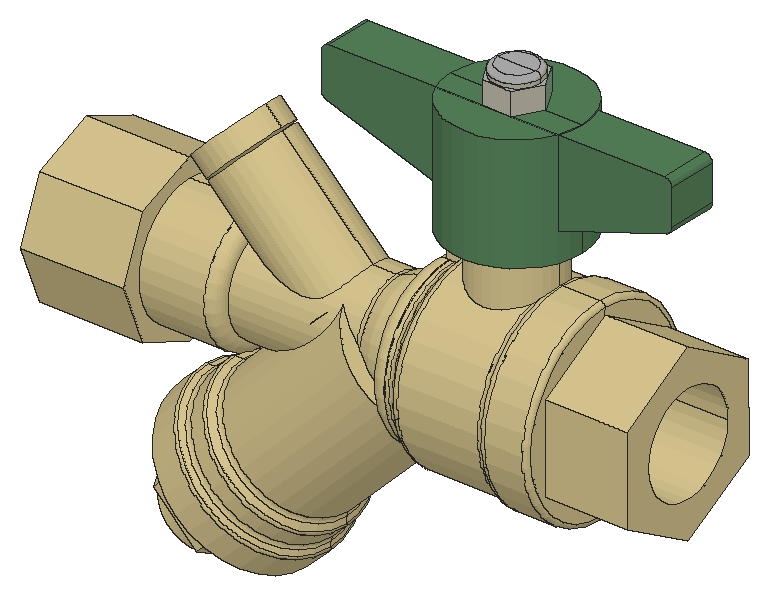
Revit family "QD36250000", category Apparecchi idraulici, Revit 2020
Family settings
  Quota connettore circolare = Usa diametro
  Tipo di parte = Normale
  Numero OmniClass = 23.45.00.00
  Titolo OmniClass = Sanitary, Laundry, and Cleaning Equipment
  Basato su piano di lavoro = No
  Sempre verticale = Sì
  Taglio con vuoti quando caricato = No
  Condiviso = No
  Punto di calcolo locali = No
Parameters
  URL = "https://web.cimberio.it/index.php/figura/1694?subcategoria_id=89"
  Temperatura di esercizio = "-20 ÷ 90°C"
  Prospetto di default = 0 mm
  Produttore = "CIMBERIO SPA"
  Pressione nominale = "PN 16"
  Modello = "Cim 622CRNL/5"
  Materiale = "Prodotto in lega di ottone conforme alla norma EN 12165-CW511L-DW nelle misure fino a 1\"1/4 e in lega di ottone conforme alla norma EN 1982-CC752S low lead nelle misure da 1\"1/2 a 2\""
  Descrizione = "Utilizzato nei più svariati settori dell'impiantistica: reti di distribuzione acqua potabile, impianti di riscaldamento, condizionamento, igienico-sanitari e in generale con ogni fluido non corrosivo"
  DN Model [instance] = QD36251020 : QD36251020
  DN [instance] = 20 mm
  Commenti sul tipo = "Realizzato in ottemperanza ai requisiti gestionali della norma EN ISO 9001.\r\nCollaudato al 100% secondo la normativa EN 12266-1"
Reference planes
  plane 1 "Centro (Fronte/Retro)": y = 0
  plane 2: z = 0
  plane 3 "Centro (Sinistra/Destra)": x = 0
Dimensions and locks
  aligned and locked: level to plane 2
Nested families
  nested 1: "QD36251020" at (0, 0, 0), type <- "DN Model", type "QD36251020"
    with DN 10 mm
  nested 2: "QD36251020" at (0, 0, 0), type <- "DN Model", type "QD36251020"
    with DN 10 mm
  nested 3: "QD36251020" at (0, 0, 0), type <- "DN Model", type "QD36251020"
    with DN 10 mm
  nested 4: "QD36251020" at (0, 0, 0), type <- "DN Model", type "QD36251020"
    with DN 10 mm
  nested 5: "QD36251020" at (0, 0, 0), type <- "DN Model", type "QD36251020"
    with DN 10 mm
  nested 6: "QD36251020" at (0, 0, 0), type <- "DN Model", type "QD36251020"
    with DN 10 mm
Connectors
  piping at (34.216, 0, 0), diameter 20, driven by "DN"
    settings: on nested 1, index 1, connector inside diameter 609.6 mm, connector length 0 mm, flow factor 0, pipe flow 0.0 L/s, pressure drop 0.0 Pa, fitting loss kfactor 0, connector angle 0.00°, fixture units 0, engagement length 0 mm, angle of deflection 0.00°, flow configuration 0, flow direction 0, fitting loss method 0, system type 7, joint type 0, gender type 0, connector reference index -1, connector utility 0, adjustable connector no, is connector primary yes, connector description ""
  piping at (-86, 0, 0), diameter 20, driven by "DN"
    settings: on nested 1, index 2, connector inside diameter 609.6 mm, connector length 0 mm, flow factor 0, pipe flow 0.0 L/s, pressure drop 0.0 Pa, fitting loss kfactor 0, connector angle 0.00°, fixture units 0, engagement length 0 mm, angle of deflection 0.00°, flow configuration 0, flow direction 0, fitting loss method 0, system type 7, joint type 0, gender type 0, connector reference index -1, connector utility 0, adjustable connector no, is connector primary no, connector description ""
Definition of nested family "QD36251020"
  Parameters (values of type "QD36251020")
    Default Elevation = 0 mm
    DN [instance] = 10 mm  # constant formula
  Reference planes
    plane 1 "Centro (Fronte/Retro)": y = 0
    plane 2: z = 0
    plane 3 "Centro (Sinistra/Destra)": x = 0
  Forms (mm)
    Revolve 1, solid
      sketch origin (0, 0, 4.284) x (1, 0, 0) y (0, 0, 1)
        loop
          line (0, 51.8) -> (0, 50.016) -> (4.75, 50.016) -> (4.75, 50.8)
          arc (4.75, 50.8) -> (4.457, 51.507) -> (3.75, 51.8) r 1
          line (3.75, 51.8) -> (0, 51.8)
        axis (0, 51.8) -> (0, 50.016)
      angle from 0 to 360
    Revolve 2, solid
      sketch origin (0, 0, 0) x (1, 0, 0) y (0, 0, 1)
        loop
          line (17.6, -10) -> (-13.503, -10) -> (-13.503, -16.25) -> (-12.621, -16.25)
          arc (-12.621, -16.25) -> (-12.047, -16.364) -> (-11.561, -16.689) r 1.5
          line (-11.561, -16.689) -> (-10.189, -18.061)
          arc (-10.189, -18.061) -> (-9.703, -18.386) -> (-9.129, -18.5) r 1.5
          line (-9.129, -18.5) -> (6.882, -18.5)
          arc (6.882, -18.5) -> (7.494, -18.631) -> (8, -19) r 1.5
          arc (8, -19) -> (8.506, -19.369) -> (9.118, -19.5) r 1.5
          line (9.118, -19.5) -> (16.6, -19.5)
          arc (16.6, -19.5) -> (17.307, -19.207) -> (17.6, -18.5) r 1
          line (17.6, -18.5) -> (17.6, -10)
        axis (17.6, 0) -> (-13.503, 0)
      angle from 0 to 360
    Revolve 3, solid
      sketch origin (0, 0, 0) x (1, 0, 0) y (0, 0, 1)
        loop
          arc (-17.691, 11.916) -> (-20.511, 11.34) -> (-23.169, 10.235) r 15
          arc (-23.169, 10.235) -> (-23.625, 10.06) -> (-24.11, 10) r 2
          line (-24.11, 10) -> (-49.808, 10)
          arc (-49.808, 10) -> (-50.454, 11.928) -> (-52.314, 12.75) r 2.517
          line (-52.314, 12.75) -> (-65.412, 12.75) -> (-65.412, 9) -> (-13.495, 9) -> (-13.495, 16.146)
          arc (-13.495, 16.146) -> (-15.614, 15.818) -> (-16.7, 13.968) r 2.5
          line (-16.7, 13.968) -> (-16.8, 12.824)
          arc (-16.8, 12.824) -> (-17.082, 12.21) -> (-17.691, 11.916) r 1
        axis (-65.412, 0) -> (-13.495, 0)
      angle from 0 to 360
    Extrusion 4, solid
      sketch origin (-11, 0, 0) x (0, 0, 1) y (0, 1, 0)
        loop
          circle (0, 0) r 10
        loop
          line (16.5, 0) -> (11.667, 11.667) -> (0, 16.5) -> (-11.667, 11.667) -> (-16.5, 0) -> (-11.667, -11.667) -> (0, -16.5) -> (11.667, -11.667) -> (16.5, 0)
      from 54.412 to 75
    Extrusion 5, solid
      sketch origin (66.912, 0, 0) x (0, 0, 1) y (0, 1, 0)
        loop
          circle (0, 0) r 10
        loop
          line (17.35, 0) -> (8.675, 15.026) -> (-8.675, 15.026) -> (-17.35, 0) -> (-8.675, -15.026) -> (8.675, -15.026) -> (17.35, 0)
      from 32.696 to 49.312
    Revolve 6, solid
      sketch origin (0, 0, 4.062) x (1, 0, 0) y (0, 0, 1)
        loop
          line (0, 33.394) -> (0, 10.626) -> (8.486, 10.626) -> (8.486, 33.394) -> (0, 33.394)
        axis (0, 33.394) -> (0, 10.626)
      angle from 0 to 360
    Extrusion 7, solid
      sketch origin (0, 0, 4.062) x (1, 0, 0) y (0, 0, 1)
        loop
          line (-8.5, 27.278) -> (-14, 27.278) -> (-14, 10.666) -> (-8.5, 10.666) -> (-8.5, 27.278)
      from -1.851 to 0
    Revolve 8, solid
      sketch origin (0, 0, 0) x (1, 0, 0) y (0, 0, 1)
        loop
          line (-52.6, 21.793) -> (-33.184, 2.378) -> (-27.27, 8.291) -> (-46.686, 27.707) -> (-52.6, 21.793)
        axis (-52.6, 21.793) -> (-33.184, 2.378)
      angle from 0 to 360
    Revolve 9, solid
      sketch origin (0, 0, 0) x (1, 0, 0) y (0, 0, 1)
        loop
          line (-54.133, -36.133) -> (-41.759, -48.508) -> (-37.463, -44.211)
          arc (-37.463, -44.211) -> (-37.246, -43.887) -> (-37.17, -43.504) r 1
          line (-37.17, -43.504) -> (-37.17, -42.418)
          arc (-37.17, -42.418) -> (-37.055, -41.844) -> (-36.73, -41.358) r 1.5
          line (-36.73, -41.358) -> (-34.281, -38.908)
          arc (-34.281, -38.908) -> (-34.064, -38.584) -> (-33.988, -38.201) r 1
          line (-33.988, -38.201) -> (-33.988, -36.762)
          arc (-33.988, -36.762) -> (-33.874, -36.188) -> (-33.548, -35.701) r 1.5
          line (-33.548, -35.701) -> (-10.068, -12.22) -> (-20.144, -2.144) -> (-54.133, -36.133)
        axis (-54.133, -36.133) -> (-20.144, -2.144)
      angle from 0 to 360
    Extrusion 10, solid
      sketch origin (-52.6, 0, 21.793) x (0.707107, 0, 0.707107) y (0, 1, 0)
        loop
          circle (0, 0) r 8.363
      from 0.5 to 5
    Extrusion 11, solid
      sketch origin (-54.133, 0, -36.133) x (0, 1, 0) y (0.707107, 0, -0.707107)
        loop
          line (0, -12.25) -> (10.609, -6.125) -> (10.609, 6.125) -> (0, 12.25) -> (-10.609, 6.125) -> (-10.609, -6.125) -> (0, -12.25)
      from 0 to 8
    Revolve 12, solid
      sketch origin (0, 0, 0) x (1, 0, 0) y (0, 0, 1)
        loop
          line (1.616, 26.8) -> (13.15, 26.8) -> (13.15, 49.8) -> (0.016, 49.8) -> (0.016, 32.8) -> (1.616, 32.8) -> (1.616, 26.8)
        axis (0.016, 49.8) -> (0.016, 26.8)
      angle from 0 to 360
    Extrusion 13, solid
      sketch origin (0, 0, 0) x (1, 0, 0) y (0, 0, 1)
        loop
          line (33.516, 49.8) -> (-33.484, 49.8)
          arc (-33.484, 49.8) -> (-34.545, 49.361) -> (-34.984, 48.3) r 1.5
          line (-34.984, 48.3) -> (-34.984, 41.227)
          arc (-34.984, 41.227) -> (-34.698, 40.345) -> (-33.948, 39.8) r 1.5
          line (-33.948, 39.8) -> (-12.404, 32.8) -> (12.436, 32.8) -> (33.979, 39.8)
          arc (33.979, 39.8) -> (34.729, 40.345) -> (35.016, 41.227) r 1.5
          line (35.016, 41.227) -> (35.016, 48.3)
          arc (35.016, 48.3) -> (34.577, 49.361) -> (33.516, 49.8) r 1.5
      from -5 to 5
    Extrusion 14, solid
      sketch origin (0, 0, 28.55) x (1, 0, 0) y (0, 1, 0)
        loop
          line (-5.775, 0) -> (-2.887, -5.001) -> (2.887, -5.001) -> (5.775, 0) -> (2.887, 5.001) -> (-2.887, 5.001) -> (-5.775, 0)
      from 21.25 to 25.75
    Extrusion 15, solid
      sketch origin (-59.436, 0, -41.436) x (-0.707107, 0, 0.707107) y (0, 1, 0)
        loop
          circle (0, 0) r 8.363
      from 0.5 to 5
  Dimensions and locks
    aligned and locked: level to plane 2
